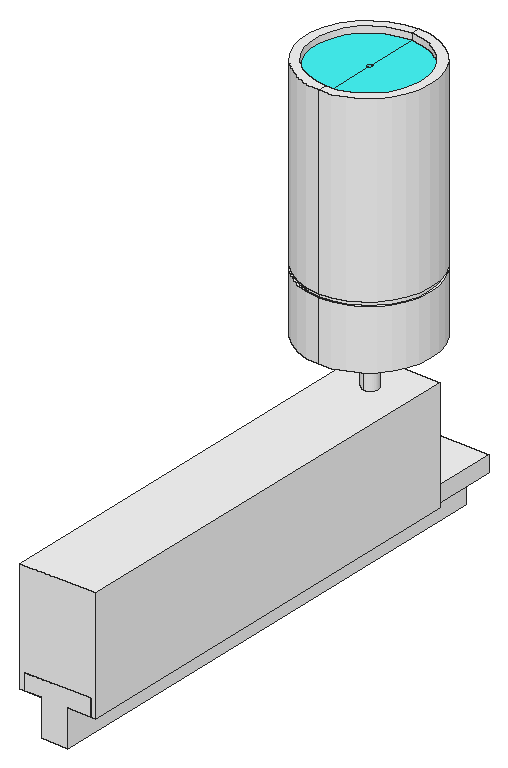
Revit family "Reggiani EVO Ø 75mm  Performance", category Modelli generici, host Superficie, Revit 2016
Family settings
  Host = Superficie
  Tipo di parte = Normale
  Può ospitare armatura = No
  Quota connettore circolare = Usa diametro
  Taglio con vuoti quando caricato = No
  Condiviso = No
  Punto di calcolo locali = No
Parameters (values of type "Reggiani EVO Ø- 75mm - Performance - mod LH96K")
  rotation light [instance] = 90.00°
  body = Reggiani Alluminio  white
  Youtube clip = ""
  Weight Net (Kg) = "0.95"
  Uniformat II Description = ""
  Uniformat II Code = ""
  Uniclass 2015 Name = ""
  Uniclass 2015 Code = ""
  Uniclass 2.0 Description = ""
  Uniclass 2.0 Code = ""
  Uniclass 1.4 Description = ""
  Uniclass 1.4 Code = ""
  URL = "http://www.reggiani.net/yori-system/famiglia/yori-evo-box"
  UNSPSC Code = ""
  Technical description = "http://www.reggiani.net/wp-content/plugins/icon-catalog/icon-catalog-assets/1/3/gen_file_20/Reggiani_Yori Brochure_Mains Voltage (10).pdf"
  Rotation oriz = 90.00°
  Region South America = "All"
  Region Oceania = "All"
  Region North America = "All"
  Region Middle East = "All"
  Region Europe = "All"
  Region Asia = "All"
  Region Antarctica = "All"
  Region Africa = "All"
  QR code = "http://bimobject.com/reggiani/product/yori_evo_box_75"
  Default Elevation = 1219.2 mm
  Produttore = "Reggiani Spa Illuminazione\r\nViale Monza 16, \r\n20845 Sovico (MB) Italia"
  Product url = "http://www.reggiani.net/yori-system/family/yori-evo-box"
  Product group = "Yori"
  Product family = "Track fixture"
  Product data url = "https://bimobject.com/reggiani/product/yori_evo_box_75"
  Product certification = "http://www.reggiani.net/wp-content/plugins/icon-catalog/icon-catalog-assets/1/3/gen_file_17/CB_Yori%20Evo.pdf"
  Product SKU = "yori_evo_box_75"
  Product Guid = "9398cf26-f984-44ad-ae65-170156b94f30"
  OmniClass Description = ""
  OmniClass Code = ""
  Nominal width = 75 mm
  Nominal height = 125 mm
  NBS Reference Description = ""
  NBS Reference Code = ""
  Modello = "Reggiani EVO Ø- 75mm - Performance - mod LH96K"
  Material secondary = ""
  Material main = "Aluminium"
  Masterformat 2014 Description = ""
  Masterformat 2014 Code = ""
  Manufacturer name = "Reggiani"
  Manufacturer country = "Italy"
  Installation instructions = "http://www.reggiani.net/wp-content/plugins/icon-catalog/icon-catalog-assets/1/3/gen_file_8/I.M.%20Yori_Evo_Box.pdf"
  IFC Classification = ""
  GTIN code = ""
  Edition number = 1
  Design country = "Italy"
  Date of publishing = ""
  COBIe Type Category = ""
  Brand url = "http://www.reggiani.net/en/"
  BIMobject main category code = ""
  BIMobject main category = ""
  BIMobject category code = ""
  BIMobject category = ""
Types (4, lengths in mm): name | Modello
  Reggiani EVO Ø- 75mm - Performance - mod LH93K | "Reggiani EVO Ø- 75mm - Performance - mod LH93K"
  Reggiani EVO Ø- 75mm - Performance - mod LH94K | "Reggiani EVO Ø- 75mm - Performance - mod LH94K"
  Reggiani EVO Ø- 75mm - Performance - mod LH96K | "Reggiani EVO Ø- 75mm - Performance - mod LH96K"
  Reggiani EVO Ø- 75mm - Performance - mod LH97K | "Reggiani EVO Ø- 75mm - Performance - mod LH97K"
Reference planes
  plane 1 "Centro (Fronte/Retro)": y = 0
  plane 2: z = 0.044
  plane 3 "Centro (Sinistra/Destra)": x = -2.919
  plane 4: z = 81.402
Forms (mm)
  Extrusion 1, solid, material "Reggiani Alluminio  white" <- "body"
    sketch origin (0, 0, 4.238) x (1, 0, 0) y (0, 0, 1)
      loop
        line (-20.487, 49.762) -> (-20.487, -4.238) -> (16.013, -4.238) -> (16.013, 49.762) -> (-20.487, 49.762)
    from -13.672 to 192.914
  Extrusion 2, solid
    sketch origin (-2.919, 0, 0) x (0, 1, 0) y (-1, 0, 0)
      loop
        circle (0, 0) r 3.086
      loop
        circle (0.888, 1.753) r 0.865
    from 49.762 to 50.017
  Extrusion 3, solid, material "Reggiani Alluminio  white" <- "body"
    sketch origin (-2.919, -23.281, 81.402) x (0.559193, 0, 0.829038) y (-0.829038, 0, 0.559193)
      loop
        line (-69.28, -28.672) -> (-75.82, -33.084) -> (-71.495, -39.496) -> (-86.102, -49.349) -> (-79.069, -59.776) -> (-64.498, -49.948) -> (-58.259, -59.199) -> (-51.682, -54.762) -> (-69.28, -28.672)
    from -69.366 to 169.634
Lines and regions (mm)
  reference lines
    curve 1: line (-2.919, 0, 0) -> (-2.919, 13.672, 0)
Dimensions and locks
  locked: plane 4 to host face at 81.358
  Extrusion 1 to host face = 53.956 mm
  "Rotation oriz": angle plane 1 "Centro (Fronte/Retro)" to curve 1
  aligned and locked: plane 2 to host face
  aligned and locked: level to host face
  aligned and locked: plane 1 "Centro (Fronte/Retro)" to curve 1
  aligned and locked: plane 3 "Centro (Sinistra/Destra)" to curve 1
  aligned and locked: Extrusion 1 to level
Automatic sketch dimensions
  host sketch curve to host sketch curve = 138.228 mm
  host sketch curve to host sketch curve = 109.922 mm
  level to Extrusion 1 sketch curve = 0 mm
  Extrusion 1 sketch curve to plane 3 "Centro (Sinistra/Destra)" = 17.567 mm
  plane 3 "Centro (Sinistra/Destra)" to Extrusion 1 sketch curve = 18.933 mm
  plane 4 to Extrusion 1 sketch curve = 27.402 mm
  Extrusion 2 sketch curve to curve 1 = 0 mm  (x2)
  curve 1 to Extrusion 2 sketch curve = 0.888 mm
  curve 1 to Extrusion 2 sketch curve = 1.753 mm
  Extrusion 3 sketch curve to plane 2 = 0 mm  (x2)
  Extrusion 3 sketch curve to level = 0 mm
  Extrusion 3 sketch curve to plane 3 "Centro (Sinistra/Destra)" = 7.236 mm
  Extrusion 3 sketch curve to level = 17.576 mm
  Extrusion 3 sketch curve to Extrusion 3 sketch curve = 7.033 mm
  Extrusion 3 sketch curve to Extrusion 3 sketch curve = 4.325 mm
  Extrusion 3 sketch curve to Extrusion 3 sketch curve = 6.541 mm
  Extrusion 3 sketch curve to Extrusion 3 sketch curve = 6.24 mm
  radius of Extrusion 2 sketch curve = 3.086 mm
  radius of Extrusion 2 sketch curve = 0.865 mm
Nested families
  nested 1: "Yori evo- frame 1" at (-2.6, -2.081, 50.017) x (0, 1, 0) z (0, 0, 1), rotation light <- "rotation light", Body white <- "body", type "Yori evo- frame 1"
    with rotation light 90.00°, Body white Reggiani Alluminio  white
  nested 2: "Famiglia1" at (-2.6, -6.029, 191.869) x (-1, 0, 0) z (0, 0, 1), type "Famiglia1"
Connectors
  electrical at (-3.866, -73.414, -17.576)
    settings: on Extrusion 3, index 1, voltage 0 V, apparent load 0 VA, apparent load phase1 0 VA, apparent load phase2 0 VA, apparent load phase3 0 VA, power factor 1, load classification "Altro", number of poles 1, system type 31, power factor state 1, is connector primary yes, connector utility no, sub classification motor no, connector description ""
Definition of nested family "Yori evo- frame 1"
  Parameters (values of type "Yori evo- frame 1")
    rotation light [instance] = 90.00°
    Default Elevation = 1219.2 mm
    Lens = none
    Body white [instance] = none
  Reference planes
    plane 1 "Centro (Fronte/Retro)": y = 0
    plane 2: z = -1.258
    plane 3 "Centro (Sinistra/Destra)": x = -2.919
    plane 4: z = 48.946
  Forms (mm)
    Extrusion 1, solid
      sketch origin (-3.719, 0, 21.38) x (1, 0, 0) y (0, 1, 0)
        loop
          line (-1219.2, 1219.2) -> (-1219.2, -1219.2) -> (1219.2, -1219.2) -> (1219.2, 1219.2) -> (-1219.2, 1219.2)
      from -22.638 to -304.8
    Revolve 2, solid, material <- "Body white"
      sketch origin (-3.758, 0, 48.625) x (0, 0, 1) y (-1, 0, 0)
        loop
          line (96.338, 30.049) -> (8.887, 30.049) -> (8.887, 29.015) -> (6.887, 29.015) -> (6.887, 30.049) -> (-21.571, 30.049) -> (-21.571, 0.785) -> (-18.848, 0.785) -> (-18.848, 27.049) -> (93.338, 27.049) -> (93.338, 25.799) -> (96.338, 25.799) -> (96.338, 30.049)
        axis (96.338, 0) -> (-21.571, 0)
      angle from 0 to 360
    Extrusion 3, solid, material <- "Body white"
      sketch origin (0, 0, 21.38) x (1, 0, 0) y (0, 1, 0)
        loop
          circle (-2.919, 0) r 3.676
      from 25 to -22.638
    Revolve 4, solid, material <- "Lens"
      sketch origin (-3.145, 0, 58.952) x (0, 0, 1) y (-1, 0, 0)
        loop
          line (82.899, 26.778) -> (81.62, 26.778) -> (81.62, 1.103) -> (82.899, 1.103) -> (82.899, 26.778)
        axis (82.899, 0) -> (81.62, 0)
      angle from 0 to 360
  Lines and regions (mm)
    reference lines
      curve 1: line (-2.919, 0, 48.946) -> (-2.919, 0, 113.821)
  Dimensions and locks
    "rotation light": angle plane 4 to curve 1
    aligned and locked: plane 2 to Extrusion 1
    aligned and locked: plane 3 "Centro (Sinistra/Destra)" to curve 1
    aligned and locked: plane 4 to curve 1
  Automatic sketch dimensions
    Extrusion 1 sketch curve to Extrusion 1 sketch curve = 2438.4 mm  (x2)
    plane 1 "Centro (Fronte/Retro)" to Extrusion 3 sketch curve = 0 mm
    plane 3 "Centro (Sinistra/Destra)" to Extrusion 3 sketch curve = 0 mm
    curve 1 to Revolve 4 sketch curve = 26.751 mm
    Revolve 4 sketch curve to Revolve 4 sketch curve = 1.279 mm
    Revolve 4 sketch curve to curve 1 = 1.329 mm
    curve 1 to Revolve 4 sketch curve = 27.004 mm
    Revolve 4 sketch curve to curve 1 = 0.226 mm
    curve 1 to Revolve 4 sketch curve = 5.104 mm
    Revolve 4 sketch curve to Revolve 4 sketch curve = 2.37 mm
    Revolve 2 sketch curve to curve 1 = 1.624 mm
    Revolve 2 sketch curve to curve 1 = 21.892 mm
    Revolve 2 sketch curve to Revolve 2 sketch curve = 2.722 mm
    curve 1 to Revolve 2 sketch curve = 6.566 mm
    Revolve 2 sketch curve to Revolve 2 sketch curve = 2 mm
    curve 1 to Revolve 2 sketch curve = 28.142 mm
    Revolve 2 sketch curve to Revolve 2 sketch curve = 3 mm  (x3)
    Revolve 2 sketch curve to curve 1 = 26.638 mm
    curve 1 to Revolve 2 sketch curve = 27.888 mm
    curve 1 to Revolve 2 sketch curve = 29.854 mm
    curve 1 to Revolve 2 sketch curve = 0.731 mm
    Revolve 2 sketch curve to curve 1 = 0.839 mm
    Revolve 2 sketch curve to Revolve 2 sketch curve = 9.099 mm
    radius of Extrusion 3 sketch curve = 3.676 mm
Definition of nested family "Famiglia1"
  Parameters (values of type "Famiglia1")
    Wattage = 9.2903 W
    Dimming Lamp Color Temperature Shift = (empty or 0)
    built-in parameter 1150107 = 3200 (stored number, unit not read)
    Default Elevation = 1219.2 mm
    built-in parameter 1150110 = 1 (stored number, unit not read)
    built-in parameter 1150109 = 1 (stored number, unit not read)
    built-in parameter 1114218 = 1 (stored number, unit not read)
    built-in parameter 1150112 = 1 (stored number, unit not read)
    built-in parameter 1150137 = (empty or 0)
    built-in parameter 1150132 = (empty or 0)
    built-in parameter 1150105 = 109.82 (stored number, unit not read)
    built-in parameter 1150102 = (empty or 0)
    built-in parameter 1150106 = 1.0982 (stored number, unit not read)
    Lumens = 1380 lm
    Color Filter = 16777215
    Photometric Web File = "BG03B_NN_12,5W_9D.ies"
    built-in parameter 1114217 = 1 (stored number, unit not read)
    built-in parameter 1150139 = (empty or 0)
    built-in parameter 1150104 = 13.8 (stored number, unit not read)
    built-in parameter 1150115 = 1 (stored number, unit not read)
    built-in parameter 1150114 = 1 (stored number, unit not read)
    built-in parameter 1150113 = 1 (stored number, unit not read)
    built-in parameter 1150134 = 3
    built-in parameter 1150138 = (empty or 0)
    Tilt Angle = 90.00°
    built-in parameter 1150133 = 10 (stored number, unit not read)
  Reference planes
    plane 1 "Centro (Fronte/Retro)": y = 0
    plane 2: z = 0
    plane 3 "Centro (Sinistra/Destra)": x = 0
  Forms (mm)
    Extrusion 1, solid
      sketch origin (0, 0, 0) x (1, 0, 0) y (0, 1, 0)
        loop
          line (-1219.2, 1219.2) -> (-1219.2, -1219.2) -> (1219.2, -1219.2) -> (1219.2, 1219.2) -> (-1219.2, 1219.2)
      from 0 to -304.8
  Dimensions and locks
    aligned and locked: plane 2 to Extrusion 1
    aligned and locked: level to Extrusion 1
